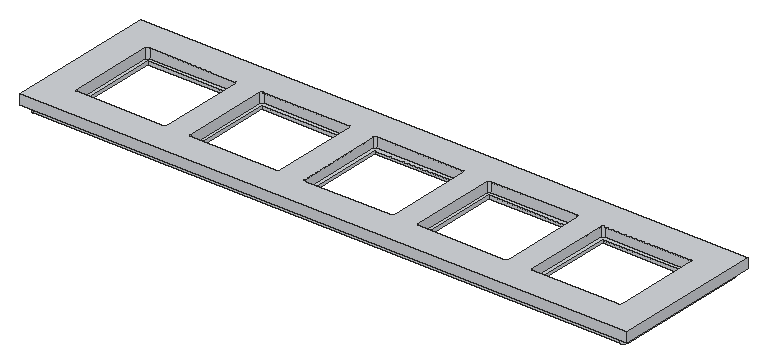
Revit family "Gira_021518", category Electrical Fixtures, host Face, Revit 2017
Family settings
  Host = Face
  Maintain Annotation Orientation = No
  Round Connector Dimension = Use Diameter
  Part Type = Normal
  Cut with Voids When Loaded = No
  Shared = No
  Room Calculation Point = No
Parameters (values of type "Abdeckrahmen 5f Gira Esprit G Mint")
  Werkstoffgüte = "Echtglas"
  Werkstoff = "Glas"
  URL = "http://katalog.gira.de/de_DE/datenblatt.html?artikelnr=021518"
  Transparent = "No"
  Textfeld/Beschriftungsfläche = "No"
  Schutzart (IP) = "IP20"
  Region = "DE"
  Oberfläche = "sonstige"
  Name = "Abdeckrahmen 5f Gira Esprit G Mint"
  Montagerichtung = "horizontal und vertikal"
  Mit Montagerahmen = "No"
  Mit Klappdeckel = "No"
  Manufacturer URL = "https://www.gira.de/"
  Keynote = "Espr._Rahmen_5fach"
  HeinzeBIM = "https://bimportal.heinze.de/bim/abdeckrahmen-5f-gira-esprit-g-mint/d037214e96428c185ccd00f603b1e026617dd4ff"
  Halogenfrei = "No"
  HAN = "021518"
  Geeignet für Unterputz-Installation = "Yes"
  Geeignet für Unterflurkanaldose = "No"
  Geeignet für Geräteeinbaukanal = "No"
  Geeignet für Einbauinstallation = "No"
  GTIN = "4010337215189"
  Farbe = "grün"
  Default Elevation = 1219.2 mm
  Data sheet (1) = "https://katalog.gira.de/de_DE/download.html?artikelnr=021518"
  Category = "Abdeckrahmen"
  Befestigungsart = "Klemmbefestigung"
  Available = "Yes"
  Anzahl der Einheiten vertikal = "5 "
  Anzahl der Einheiten horizontal = "5 "
  Anzahl der Einheiten = "5 "
Reference planes
  plane 1 "Center (Front/Back)": y = 0
  plane 2: z = 0
  plane 3 "Center (Left/Right)": x = 0
Forms (mm)
  Extrusion 1, solid, detail levels fine
    sketch origin (0, 0, 0) x (1, 0, 0) y (0, 1, 0)
      loop
        line (-190.1, 47.5) -> (-190.1, -47.5) -> (190.1, -47.5) -> (190.1, 47.5) -> (-190.1, 47.5)
      loop
        arc (-170.9, -26.8) -> (-170.461, -27.861) -> (-169.4, -28.3) r 1.5
        line (-169.4, -28.3) -> (-115.8, -28.3)
        arc (-115.8, -28.3) -> (-114.739, -27.861) -> (-114.3, -26.8) r 1.5
        line (-114.3, -26.8) -> (-114.3, 26.8)
        arc (-114.3, 26.8) -> (-114.739, 27.861) -> (-115.8, 28.3) r 1.5
        line (-115.8, 28.3) -> (-169.4, 28.3)
        arc (-169.4, 28.3) -> (-170.461, 27.861) -> (-170.9, 26.8) r 1.5
        line (-170.9, 26.8) -> (-170.9, -26.8)
      loop
        arc (-99.6, -26.8) -> (-99.161, -27.861) -> (-98.1, -28.3) r 1.5
        line (-98.1, -28.3) -> (-44.5, -28.3)
        arc (-44.5, -28.3) -> (-43.439, -27.861) -> (-43, -26.8) r 1.5
        line (-43, -26.8) -> (-43, 26.8)
        arc (-43, 26.8) -> (-43.439, 27.861) -> (-44.5, 28.3) r 1.5
        line (-44.5, 28.3) -> (-98.1, 28.3)
        arc (-98.1, 28.3) -> (-99.161, 27.861) -> (-99.6, 26.8) r 1.5
        line (-99.6, 26.8) -> (-99.6, -26.8)
      loop
        arc (-28.3, -26.8) -> (-27.861, -27.861) -> (-26.8, -28.3) r 1.5
        line (-26.8, -28.3) -> (26.8, -28.3)
        arc (26.8, -28.3) -> (27.861, -27.861) -> (28.3, -26.8) r 1.5
        line (28.3, -26.8) -> (28.3, 26.8)
        arc (28.3, 26.8) -> (27.861, 27.861) -> (26.8, 28.3) r 1.5
        line (26.8, 28.3) -> (-26.8, 28.3)
        arc (-26.8, 28.3) -> (-27.861, 27.861) -> (-28.3, 26.8) r 1.5
        line (-28.3, 26.8) -> (-28.3, -26.8)
      loop
        arc (43, -26.8) -> (43.439, -27.861) -> (44.5, -28.3) r 1.5
        line (44.5, -28.3) -> (98.1, -28.3)
        arc (98.1, -28.3) -> (99.161, -27.861) -> (99.6, -26.8) r 1.5
        line (99.6, -26.8) -> (99.6, 26.8)
        arc (99.6, 26.8) -> (99.161, 27.861) -> (98.1, 28.3) r 1.5
        line (98.1, 28.3) -> (44.5, 28.3)
        arc (44.5, 28.3) -> (43.439, 27.861) -> (43, 26.8) r 1.5
        line (43, 26.8) -> (43, -26.8)
      loop
        arc (114.3, -26.8) -> (114.739, -27.861) -> (115.8, -28.3) r 1.5
        line (115.8, -28.3) -> (169.4, -28.3)
        arc (169.4, -28.3) -> (170.461, -27.861) -> (170.9, -26.8) r 1.5
        line (170.9, -26.8) -> (170.9, 26.8)
        arc (170.9, 26.8) -> (170.461, 27.861) -> (169.4, 28.3) r 1.5
        line (169.4, 28.3) -> (115.8, 28.3)
        arc (115.8, 28.3) -> (114.739, 27.861) -> (114.3, 26.8) r 1.5
        line (114.3, 26.8) -> (114.3, -26.8)
    from 0 to 6
  Extrusion 2, solid, detail levels fine
    sketch origin (0, 0, 0) x (1, 0, 0) y (0, 1, 0)
      loop
        line (-168.5, -25.7) -> (-116.7, -25.7) -> (-116.7, 25.7) -> (-168.5, 25.7) -> (-168.5, -25.7)
      loop
        line (25.9, 25.7) -> (-25.9, 25.7) -> (-25.9, -25.7) -> (25.9, -25.7) -> (25.9, 25.7)
      loop
        arc (-185.5, -41.4) -> (-184.973, -42.673) -> (-183.7, -43.2) r 1.8
        line (-183.7, -43.2) -> (183.7, -43.2)
        arc (183.7, -43.2) -> (184.973, -42.673) -> (185.5, -41.4) r 1.8
        line (185.5, -41.4) -> (185.5, 41.4)
        arc (185.5, 41.4) -> (184.973, 42.673) -> (183.7, 43.2) r 1.8
        line (183.7, 43.2) -> (-183.7, 43.2)
        arc (-183.7, 43.2) -> (-184.973, 42.673) -> (-185.5, 41.4) r 1.8
        line (-185.5, 41.4) -> (-185.5, -41.4)
      loop
        line (-45.4, 25.7) -> (-97.2, 25.7) -> (-97.2, -25.7) -> (-45.4, -25.7) -> (-45.4, 25.7)
      loop
        line (97.2, 25.7) -> (45.4, 25.7) -> (45.4, -25.7) -> (97.2, -25.7) -> (97.2, 25.7)
      loop
        line (168.5, 25.7) -> (116.7, 25.7) -> (116.7, -25.7) -> (168.5, -25.7) -> (168.5, 25.7)
    from -1.9 to 0
  Extrusion 3, solid, detail levels fine
    sketch origin (0, 0, 0) x (1, 0, 0) y (0, 1, 0)
      loop
        arc (-183.7, 44.4) -> (-185.821, 43.521) -> (-186.7, 41.4) r 3
        line (-186.7, 41.4) -> (-186.7, -41.4)
        arc (-186.7, -41.4) -> (-185.821, -43.521) -> (-183.7, -44.4) r 3
        line (-183.7, -44.4) -> (183.7, -44.4)
        arc (183.7, -44.4) -> (185.821, -43.521) -> (186.7, -41.4) r 3
        line (186.7, -41.4) -> (186.7, 41.4)
        arc (186.7, 41.4) -> (185.821, 43.521) -> (183.7, 44.4) r 3
        line (183.7, 44.4) -> (-183.7, 44.4)
      loop
        arc (-185.5, -41.4) -> (-184.973, -42.673) -> (-183.7, -43.2) r 1.8
        line (-183.7, -43.2) -> (183.7, -43.2)
        arc (183.7, -43.2) -> (184.973, -42.673) -> (185.5, -41.4) r 1.8
        line (185.5, -41.4) -> (185.5, 41.4)
        arc (185.5, 41.4) -> (184.973, 42.673) -> (183.7, 43.2) r 1.8
        line (183.7, 43.2) -> (-183.7, 43.2)
        arc (-183.7, 43.2) -> (-184.973, 42.673) -> (-185.5, 41.4) r 1.8
        line (-185.5, 41.4) -> (-185.5, -41.4)
    from -3.7 to 0
  Extrusion 4, solid, detail levels medium
    sketch origin (0, 0, 0) x (1, 0, 0) y (0, 1, 0)
      loop
        line (-190.1, 47.5) -> (-190.1, -47.5) -> (190.1, -47.5) -> (190.1, 47.5) -> (-190.1, 47.5)
    from 0 to 6
  Extrusion 5, solid, detail levels medium
    sketch origin (0, 0, 0) x (1, 0, 0) y (0, 1, 0)
      loop
        line (-190.1, 44.4) -> (-190.1, -44.4) -> (190.1, -44.4) -> (190.1, 44.4) -> (-190.1, 44.4)
    from -3.7 to 0
  Extrusion 6, solid, detail levels coarse
    sketch origin (0, 0, 0) x (1, 0, 0) y (0, 1, 0)
      loop
        line (-190.1, 47.5) -> (-190.1, -47.5) -> (190.1, -47.5) -> (190.1, 47.5) -> (-190.1, 47.5)
    from -3.7 to 6
Dimensions and locks
  aligned and locked: plane 2 to host face
  aligned and locked: level to host face
